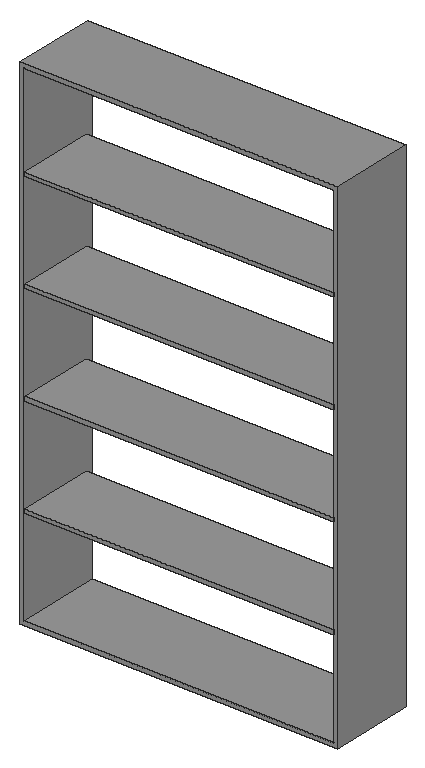
Revit family "АВЛН_Стелаж", category Мебель, Revit 2019
Family settings
  Номер OmniClass = 23.40.20.00
  Заголовок OmniClass = General Furniture and Specialties
  На основе рабочей плоскости = Нет
  Всегда вертикально = Да
  При загрузке вырезать с полостями = Нет
  Общий = Нет
  Точка расчета площади = Нет
Parameters (values of type "Стеллаж библиотечный односторонний 900х320х1200мм")
  Полки видимость = yes
  Описание = "Стеллаж библиотечный односторонний;\r\n900х320х1200мм"
  М.основы = Деревянная обшивка, ДСП
  М.дверей = Деревянная обшивка, ДСП
  Type Comments = ""
  Keynote = ""
  Manufacturer = ""
  Группа модели = "Оборудование основных помещений школы"
  ADSK_Размер_Ширина = 320 mm
  ADSK_Размер_Длина = 1200 mm
  ADSK_Размер_Высота = 1900 mm
  ADSK_Обозначение = ""
  ADSK_Масса = 0
  ADSK_Код изделия = ""
  ADSK_Единица измерения = "шт"  # constant formula
  2 отделения = no
Types (5, lengths in mm): name | Описание | М.основы | М.дверей | Manufacturer | ADSK_Размер_Ширина | ADSK_Размер_Длина | ADSK_Размер_Высота | ADSK_Обозначение | 2 отделения
  Стеллаж библиотечный двухсторонний 900х520х1900мм | "Стеллаж библиотечный двухсторонний;\r\n900х520х1900мм" | Деревянная обшивка, ДСП | Деревянная обшивка, ДСП | "" | 520 | 900 | 1900 | "" | no
  Стеллаж библиотечный односторонний 900х320х1900мм | "Стеллаж библиотечный односторонний;\r\n900х320х1900мм" | Деревянная обшивка, ДСП | Деревянная обшивка, ДСП | "" | 320 | 900 | 1900 | "" | no
  Стеллаж библиотечный односторонний 900х320х1200мм | "Стеллаж библиотечный односторонний;\r\n900х320х1200мм" | Деревянная обшивка, ДСП | Деревянная обшивка, ДСП | "" | 320 | 1200 | 1900 | "" | no
  Стеллаж для хранения игр, конструкторов 2924х640х1699мм | "Стеллаж для хранения игр, конструкторов;\r\nгаб. 2924х640х1699мм" | Деревянная обшивка, ДСП | Деревянная обшивка, ДСП | "" | 640 | 2925 | 1700 | "" | yes
  Стеллаж производственный 1500х500х1800мм | "Стеллаж производственный, каркас-уголок\r\nнержавеющая сталь 4 полки; 1500х500х1800мм.\r\nНагрузка на полку до 80кг." | Металл, окрашенный, белый, матовый | Металл, окрашенный, белый, матовый | "Atesy, Россия" | 500 | 1500 | 1800 | "СТР-150/50" | yes
Reference planes
  plane 1 "По центру (Вперед/Назад)": y = 0
  plane 2: z = 0
  plane 3 "По центру (Влево/Вправо)": x = 0
  plane 4: z = 1900
  plane 5: y = 160
  plane 6: x = 600
  plane 7: x = -600
  plane 8: y = -160
  plane 9: z = 1520
  plane 10: z = 760
  plane 11: z = 1140
  plane 12: z = 380
Forms (mm)
  Sweep 1, solid, material "Деревянная обшивка, ДСП" <- "М.основы"
    path origin (0, 0, 0) x (1, 0, 0) y (0, 0, 1)
      loop
        line (-600, 0) -> (600, 0) -> (600, 1900) -> (-600, 1900) -> (-600, 0)
    profile origin (0, 0, 0) x (0, 0, 1) y (0, -1, 0)
      loop
        line (0, -160) -> (15, -160) -> (15, 160) -> (0, 160) -> (0, -160)
  Extrusion 2, solid, material "Деревянная обшивка, ДСП" <- "М.основы", visible <- "2 отделения"
    sketch origin (0, 0, 0) x (1, 0, 0) y (0, 0, 1)
      loop
        line (7.5, 1885) -> (-7.5, 1885) -> (-7.5, 15) -> (7.5, 15) -> (7.5, 1885)
    from -160 to 240
  Extrusion 3, solid, material "Деревянная обшивка, ДСП" <- "М.основы", visible <- "Полки видимость"
    sketch origin (0, 0, 0) x (1, 0, 0) y (0, 0, 1)
      loop
        line (-585, 1520) -> (585, 1520) -> (585, 1535) -> (-585, 1535) -> (-585, 1520)
      loop
        line (-585, 760) -> (585, 760) -> (585, 775) -> (-585, 775) -> (-585, 760)
      loop
        line (-585, 1140) -> (585, 1140) -> (585, 1155) -> (-585, 1155) -> (-585, 1140)
      loop
        line (-585, 380) -> (585, 380) -> (585, 395) -> (-585, 395) -> (-585, 380)
    from -129.918 to 160
Dimensions and locks
  plane 2 to plane 4 = 1900 mm
  equal spacing: plane 8, plane 1 "По центру (Вперед/Назад)", plane 5
  equal spacing: plane 7, plane 3 "По центру (Влево/Вправо)", plane 6
  "ADSK_Размер_Длина": plane 7 to plane 6
  "ADSK_Размер_Ширина": plane 5 to plane 8
  "ADSK_Размер_Высота": plane 2 to plane 4
  locked: Sweep 1 sketch curve to Sweep 1 sketch curve at 15
  equal spacing: plane 6, plane 3 "По центру (Влево/Вправо)", plane 7
  equal spacing: Extrusion 2 sketch curve, plane 3 "По центру (Влево/Вправо)", Extrusion 2 sketch curve, locked at 7.5 each
  equal spacing: plane 4, plane 9, plane 11, plane 10, plane 12, plane 2
  locked: Extrusion 3 sketch curve to plane 9 at 15
  locked: Extrusion 3 sketch curve to Extrusion 3 sketch curve at 15  (x3)
  locked: plane 5 to Extrusion 3 at 30.082
  aligned and locked: level to plane 2
  aligned and locked: Sweep 1 sketch curve to level
  aligned and locked: Sweep 1 sketch curve to plane 7
  aligned and locked: Sweep 1 sketch curve to plane 4
  aligned and locked: plane 6 to Sweep 1 sketch curve
  aligned and locked: Sweep 1 sketch curve to profile plane
  aligned and locked: plane 5 to Sweep 1 sketch curve
  aligned and locked: Sweep 1 sketch curve to plane 8
  aligned and locked: Extrusion 2 sketch curve to Sweep 1  (x2)
  aligned and locked: Extrusion 2 to Sweep 1  (x2)
  aligned and locked: Sweep 1 to Extrusion 2
  aligned and locked: Extrusion 3 sketch curve to plane 10
  aligned and locked: Extrusion 3 sketch curve to Sweep 1  (x6)
  aligned and locked: Extrusion 3 sketch curve to plane 11
  aligned and locked: Extrusion 3 sketch curve to plane 12
  aligned and locked: Extrusion 3 to plane 8
Automatic sketch dimensions
  Extrusion 2 sketch curve to plane 3 "По центру (Влево/Вправо)" = 7.5 mm
  Extrusion 3 sketch curve to plane 9 = 0 mm
  plane 7 to Extrusion 3 sketch curve = 15 mm
  Extrusion 3 sketch curve to plane 6 = 15 mm
